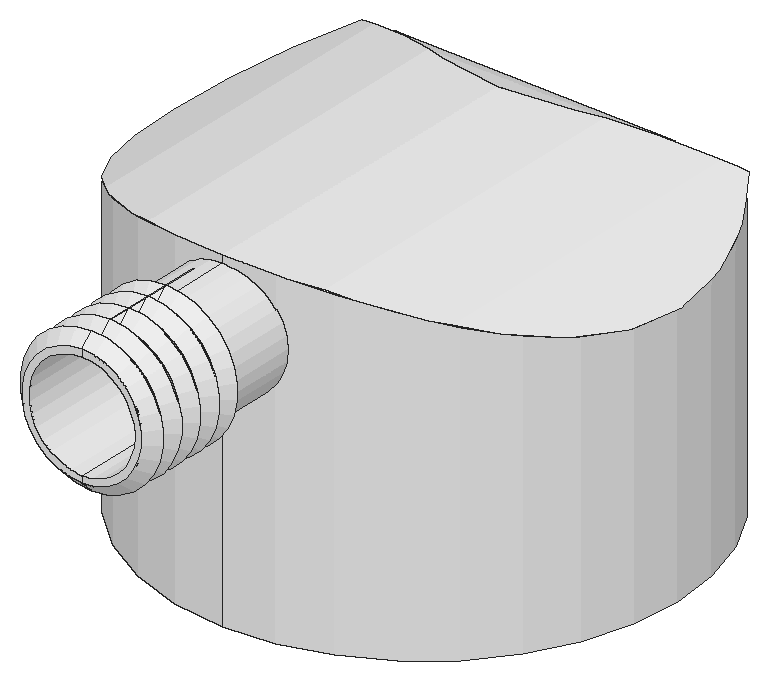
Revit family "Wall_Supply-American_Standard-8888.037", category Plumbing Fixtures, host Face, Revit 2014
Parameters (values of type "8888.037")
  Width = 2 3/8"
  Water Connection Radius = 1/4"
  Water Connection Diameter = 1/2"
  Waste Connection = no
  Warranty Information = "One Year Limited Warranty"  # constant formula
  WFU = 4
  Vent Connection = no
  URL = "https://www.americanstandard-us.com/"
  Type Comments = ""
  Product Page URL = "https://www.americanstandard-us.com/bathroom/shower-faucets/wall-supply-17048"
  Product Documentation Link = "https://www.americanstandard-us.com/-/media/sites/asus/files/product-specs/bulk/specsheet8888037.pdf?la=en"
  Price = "Prices may vary. Please consult Manufacturer Representative for most up-to-date price list."  # constant formula
  Model = "8888.037"
  Material = "Brass-American Standard-002-Polished Chrome"
  Manufacturer = "American Standard"
  Length = 1 1/4"
  Installation Type = "Wall Mounted"  # constant formula
  HWFU = 3
  HW Connection = yes
  Finish = Brass-American Standard-002-Polished Chrome
  Description = "Wall Supply"  # constant formula
  Default Elevation = 60"  # constant formula
  Creation Date = "01/31/2018"  # constant formula
  CWFU = 3
  CW Connection = yes
  Assembly Code = "D2010700"
Reference planes (in)
  plane 1 "Center (Front/Back)": y = 0
  plane 2: z = 0
  plane 3 "Center (Left/Right)": x = 0
  plane 4: z = 1.25
  plane 5: z = 1
  plane 6: z = 1.5
  plane 7: y = -0.25
  plane 8: y = 0.25
  plane 9: y = -1.1875
  plane 10: y = -1.1875
  plane 11: y = 1.1875
Forms (in)
  Revolve 1, solid, material "Brass-American Standard-002-Polished Chrome" <- "Finish"
    sketch origin (0, 0, 0) x (0, 1, 0) y (0, 0, 1)
      loop
        line (0, 0) -> (0, 1.59039) -> (-1.1875, 1.59039) -> (-1.1875, 0) -> (0, 0)
      axis (0, 1.59039) -> (0, 0)
    angle from 0 to 360
  Revolve 2, solid, material "Brass-American Standard-002-Polished Chrome" <- "Finish"
    sketch origin (0, 0, 0) x (0, 1, 0) y (0, 0, 1)
      loop
        line (-1.05387, 1.53054) -> (-1.48669, 1.53054) -> (-1.52189, 1.58664) -> (-1.57669, 1.53183) -> (-1.63149, 1.58664) -> (-1.6863, 1.53183) -> (-1.7411, 1.58664) -> (-1.7959, 1.53183) -> (-1.8507, 1.58664) -> (-1.90551, 1.53183) -> (-1.96031, 1.58664) -> (-2.01511, 1.53183) -> (-2.01511, 1.5) -> (-1.03639, 1.5) -> (-1.03639, 1.25) -> (0.23333, 1.25) -> (0.23333, 1.59039) -> (-1.05387, 1.59039) -> (-1.05387, 1.53054)
      axis (-2.01511, 1.25) -> (0.23333, 1.25)
    angle from 0 to 360
  Extrusion 3, void
    sketch origin (0, 0, 0) x (0, 1, 0) y (0, 0, 1)
      loop
        line (1.2407, 0.95217) -> (1.2407, 1.71294) -> (-1.2593, 1.71294) -> (-1.2593, 1.59039) -> (0.23447, 1.59039)
        arc (0.23447, 1.59039) -> (0.51122, 1.53914) -> (0.75129, 1.39221) r 0.77298
        line (0.75129, 1.39221) -> (1.2407, 0.95217)
    from -1.33871 to 1.27224
  Extrusion 4, void
    sketch origin (0, 0, -0.02344) x (1, 0, 0) y (0, 0, 1)
      loop
        line (1.26012, 1.20458) -> (1.26012, 1.69899) -> (-1.26012, 1.69899) -> (-1.26012, 1.21259)
        arc (-1.26012, 1.21259) -> (0.00121, 1.58941) -> (1.26012, 1.20458) r 2.27525
    from -0.84771 to 1.26659
  Revolve 5, solid, material "Brass-American Standard-002-Polished Chrome" <- "Finish"
    sketch origin (0, 0, 0) x (0, 1, 0) y (0, 0, 1)
      loop
        line (-0.25, 0) -> (-0.28405, 0) -> (-0.3279, -0.04385) -> (-0.28405, -0.0877) -> (-0.3279, -0.13155) -> (-0.28405, -0.1754) -> (-0.3279, -0.21925) -> (-0.29715, -0.25) -> (-0.25, -0.25) -> (-0.25, 0)
      axis (0, 0) -> (0, -0.25)
    angle from 0 to 360
Cuts and joins
  Extrusion 3, Extrusion 4 cuts Revolve 1
  Extrusion 4 cuts Revolve 2
  joined: Revolve 1, Revolve 2, Revolve 5
Lines and regions (in)
  Masking region 1
    outline origin (0, 0, 0) x (1, 0, 0) y (0, 0, 1)
      loop
        line (-1.18748, 1.23519) -> (-1.18748, 0) -> (1.18747, 0) -> (1.18747, 1.22783)
        arc (1.18747, 1.22783) -> (0.67752, 1.46088) -> (0.12606, 1.56214) r 2.27525
        arc (0.12606, 1.56214) -> (0.00103, 1.58664) -> (-0.12414, 1.56291) r 0.33664
        arc (-0.12414, 1.56291) -> (-0.67615, 1.46506) -> (-1.18748, 1.23519) r 2.27525
  symbolic lines, detail levels medium+fine
    curve 1: arc (-0.12414, 0, 1.56291) -> (0, 0, 1.56589) -> (0.12414, 0, 1.56291) r 2.59229
Dimensions and locks (in)
  "Width": plane 11 to plane 10
  plane 5 to plane 6 = 1/2"
  plane 8 to plane 7 = 1/2"
  aligned and locked: plane 2 to host face
  aligned and locked: level to host face
Automatic sketch dimensions
  host sketch curve to host sketch curve = 96"  (x2)
  Revolve 1 sketch curve to plane 9 = 0"
  Revolve 1 sketch curve to plane 1 "Center (Front/Back)" = 0"  (x2)
  Revolve 1 sketch curve to level = 0"
  Revolve 1 sketch curve to plane 6 = 0.09039"
  Revolve 1 sketch curve to Revolve 1 sketch curve = 0.5786"
  Revolve 1 sketch curve to Revolve 1 sketch curve = 0.33102"
  plane 6 to Revolve 2 sketch curve = 0"
  plane 4 to Revolve 2 sketch curve = 0"  (x2)
  Revolve 2 sketch curve to plane 6 = 0.03183"  (x5)
  plane 9 to Revolve 2 sketch curve = 0.82761"
  Revolve 2 sketch curve to plane 6 = 0.08664"  (x5)
  Revolve 2 sketch curve to Revolve 2 sketch curve = 0.0548"
  Revolve 2 sketch curve to plane 6 = 0.03054"
  Revolve 2 sketch curve to Revolve 2 sketch curve = 0.0352"
  Revolve 2 sketch curve to plane 9 = 0.13363"
  Revolve 2 sketch curve to plane 9 = 0.15111"
  plane 8 to Revolve 2 sketch curve = 0.01667"
  Revolve 2 sketch curve to Revolve 2 sketch curve = 0.05984"
  Revolve 2 sketch curve to plane 8 = 0.28087"
  plane 11 to Revolve 2 sketch curve = 0.08629"
  plane 9 to Extrusion 3 sketch curve = 0.0718"
  plane 8 to Extrusion 3 sketch curve = 0.01553"
  plane 6 to Extrusion 3 sketch curve = 0.10779"
  plane 11 to Extrusion 3 sketch curve = 0.43621"
  Extrusion 3 sketch curve to plane 11 = 0.0532"
  plane 5 to Extrusion 3 sketch curve = 0.04783"
  plane 5 to Extrusion 3 sketch curve = 0.18259"
  Extrusion 3 sketch curve to plane 6 = 0.21294"
  plane 4 to Extrusion 4 sketch curve = 0.06085"
  Extrusion 4 sketch curve to plane 3 "Center (Left/Right)" = 1.26012"
  Extrusion 4 sketch curve to plane 3 "Center (Left/Right)" = 0.00602"
  Extrusion 4 sketch curve to plane 6 = 0.17555"
  plane 3 "Center (Left/Right)" to Extrusion 4 sketch curve = 1.26012"
  Extrusion 4 sketch curve to Extrusion 4 sketch curve = 0.49441"
  Revolve 5 sketch curve to level = 0"  (x2)
  Revolve 5 sketch curve to plane 7 = 0"
  Revolve 5 sketch curve to plane 1 "Center (Front/Back)" = 0"
  plane 7 to Revolve 5 sketch curve = 0.03405"  (x3)
  plane 7 to Revolve 5 sketch curve = 0.04715"
  Revolve 5 sketch curve to Revolve 5 sketch curve = 0.04385"  (x2)
  Revolve 5 sketch curve to level = 0.04385"
  Revolve 5 sketch curve to Revolve 5 sketch curve = 0.03075"
  Revolve 5 sketch curve to Revolve 5 sketch curve = 0.13472"
  Masking region 1 sketch curve to level = 0"
  Masking region 1 sketch curve to plane 3 "Center (Left/Right)" = 0"
  Masking region 1 sketch curve to plane 4 = 0"
  plane 4 to Masking region 1 sketch curve = 0.02217"
  Masking region 1 sketch curve to plane 3 "Center (Left/Right)" = 0.12414"
  Masking region 1 sketch curve to Masking region 1 sketch curve = 0"  (x2)
  Masking region 1 sketch curve to plane 3 "Center (Left/Right)" = 0.00602"
  Masking region 1 sketch curve to level = 0.70927"
  plane 4 to Masking region 1 sketch curve = 0.01481"
  Masking region 1 sketch curve to plane 6 = 0.06291"
  Masking region 1 sketch curve to plane 6 = 0.06214"
  curve 1 to plane 3 "Center (Left/Right)" = 0"
  curve 1 to level = 1.02641"
  curve 1 to plane 3 "Center (Left/Right)" = 0.12414"
  plane 3 "Center (Left/Right)" to curve 1 = 0.12414"
  curve 1 to plane 6 = 0.06291"
Connectors (in)
  piping at (0, -2.01511, 1.25), diameter 0.5, driven by "Water Connection Diameter"
    settings: on cut or joined group of Revolve 1, Revolve 2, Extrusion 3, Extrusion 4, Revolve 5, index 1, connector inside diameter 24", connector length 0", flow factor 0, pipe flow 0 GPM, pressure drop 0.00 psi, fitting loss kfactor 0, connector angle 0.00°, fixture units 0, engagement length 0", angle of deflection 0.00°, flow configuration 0, flow direction 2, fitting loss method 0, system type 29, joint type 0, gender type 0, connector reference index -1, connector utility 0, adjustable connector no, is connector primary yes, connector description "1/2\" NPSM Male Hose Thread"
  piping at (0, 0, -0.25), diameter 0.5, driven by "Water Connection Diameter"
    settings: on cut or joined group of Revolve 1, Revolve 2, Extrusion 3, Extrusion 4, Revolve 5, index 2, connector inside diameter 24", connector length 0", flow factor 0, pipe flow 0 GPM, pressure drop 0.00 psi, fitting loss kfactor 0, connector angle 0.00°, fixture units 0, engagement length 0", angle of deflection 0.00°, flow configuration 0, flow direction 1, fitting loss method 0, system type 29, joint type 0, gender type 0, connector reference index -1, connector utility 0, adjustable connector no, is connector primary no, connector description "1/2\" NPT Female Thread Connection"
